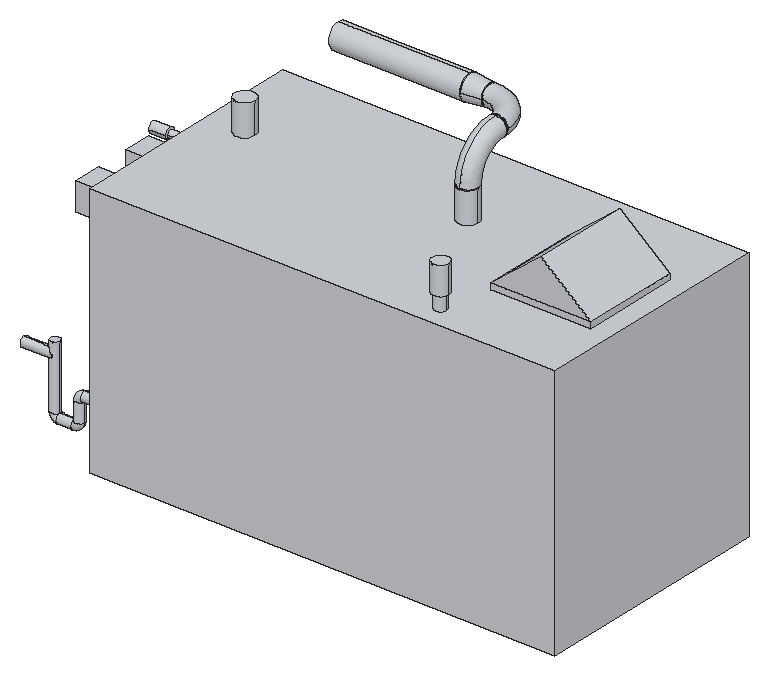
Revit family "AMP_BFIT 2000 Water Heater", category Mechanical Equipment, Revit 2019
Family settings
  Round Connector Dimension = Use Diameter
  Part Type = Normal
  OmniClass Number = 23.75.00.00
  OmniClass Title = Climate Control (HVAC)
  Work Plane-Based = No
  Always vertical = Yes
  Cut with Voids When Loaded = No
  Shared = No
  Room Calculation Point = No
Parameters (values of type "AMP/BFIT 2000 Water Heater")
  Width = 34 1/4"
  Length = 66 1/8"
  Height = 36 1/8"
  Voltage = ""
  Vent = "8\" EZ Vent"
  Manufacturer = "Bryan Steam"  # constant formula
  Hydronic Supply = "3\" Victaulic"
  Hydronic Return = "2-1/2\" Victaulic"
  Gas Train = "1-1/4\" NPT"
  Condensate Trap = "1\" Pipe"
  Boiler Drain = "3/4\" NPT"
  Air Supply = "8\""
Reference planes
  plane 1 "Center (Front/Back)": y = 0
  plane 2: z = 0
  plane 3 "Center (Left/Right)": x = 0
  plane 4 "Vent": y = 95.25
  plane 5 "Condensate Trap": y = -304.8
  plane 6 "Supply 2.5" Victualic Elbow Style 10": x = 100.902
  plane 7 "3" Supply Manifold": z = 1158.875
  plane 8 "3" Supply Elbow Victaulic Style 10": y = 355.6
Forms (mm)
  Extrusion 1, solid
    sketch origin (0, 0, 0) x (1, 0, 0) y (0, 1, 0)
      loop
        line (-839.787, 434.975) -> (-839.787, -434.975) -> (839.788, -434.975) -> (839.788, 434.975) -> (-839.787, 434.975)
    from 0 to 917.575
  Extrusion 2, solid
    sketch origin (0, 0, 917.575) x (1, 0, 0) y (0, 1, 0)
      loop
        line (405.549, 174.625) -> (405.549, -180.975) -> (763.588, -180.975) -> (763.588, 174.625) -> (405.549, 174.625)
    from 0 to 21.63
  Extrusion 3, solid
    sketch origin (763.588, -180.975, 917.575) x (-1, 0, 0) y (0, 0, -1)
      loop
        line (358.038, -21.63) -> (0, -21.63) -> (179.019, -167.063) -> (358.038, -21.63)
    from 0 to -355.6
  Extrusion 4, solid
    sketch origin (0, 0, 917.575) x (1, 0, 0) y (0, 1, 0)
      loop
        circle (-703.262, 95.25) r 36.513
      loop
        circle (100.902, 95.25) r 36.513
    from 0 to 111.125
  Extrusion 5, solid
    sketch origin (-839.787, -434.975, 0) x (0, 1, 0) y (0, 0, -1)
      loop
        circle (714.375, -257.175) r 100.013
      loop
        circle (714.375, -257.175) r 94.456
    from 0 to 28.575
  Sweep 6, solid
    path origin (0, -304.8, 0) x (-1, 0, 0) y (0, 0, 1)
      loop
        line (839.787, 146.406) -> (960.793, 146.406)
        arc (960.793, 146.406) -> (973.15, 141.287) -> (978.268, 128.93) r 17.475
        line (978.268, 128.93) -> (978.268, 62.281)
        arc (978.268, 62.281) -> (983.387, 49.924) -> (995.743, 44.806) r 17.475
        line (995.743, 44.806) -> (1049.706, 44.806)
        arc (1049.706, 44.806) -> (1062.054, 49.92) -> (1067.168, 62.268) r 17.463
        line (1067.168, 62.268) -> (1067.168, 292.456)
    profile origin (-900.29, -304.8, 146.406) x (0, 0, 1) y (0, 1, 0)
      loop
        circle (0, 0) r 16.701
  Revolve 7, solid
    sketch origin (0, -304.8, 0) x (-1, 0, 0) y (0, 0, 1)
      loop
        line (1179.512, 247.65) -> (1179.512, 264.351) -> (1066.8, 264.351) -> (1066.8, 247.65) -> (1179.512, 247.65)
      axis (1066.8, 247.65) -> (1179.512, 247.65)
    angle from 0 to 360
  SweptBlend 8, solid
    path origin (0, 0, 1158.875) x (1, 0, 0) y (0, 1, 0)
      loop
        line (-29.273, 323.923) -> (-100.393, 323.923)
    profile origin (-29.273, 323.923, 1158.875) x (0, -1, 0) y (0, 0, 1)
      loop
        circle (-31.677, 0) r 36.314
    end profile origin (-100.393, 323.923, 1158.875) x (0, -1, 0) y (0, 0, 1)
      loop
        circle (-31.677, 0) r 44.45
  Extrusion 9, solid
    sketch origin (-100.393, 355.6, 1158.875) x (0, 0, -1) y (0, -1, 0)
      loop
        circle (0, -0.065) r 44.513
    from 0 to 472.678
  Extrusion 10, solid
    sketch origin (-839.787, -434.975, 0) x (0, 1, 0) y (0, 0, -1)
      loop
        line (345.313, -912.813) -> (345.313, -811.213) -> (243.713, -811.213) -> (243.713, -912.813) -> (345.313, -912.813)
      loop
        line (119.888, -912.8) -> (119.888, -811.2) -> (18.288, -811.2) -> (18.288, -912.8) -> (119.888, -912.8)
    from 0 to 63.004
  Revolve 11, solid
    sketch origin (0, 95.25, 0) x (-1, 0, 0) y (0, 0, 1)
      loop
        line (1055.688, 635) -> (1050.344, 736.968) -> (803.033, 724.007) -> (808.377, 622.039) -> (1055.688, 635)
      axis (808.377, 622.039) -> (1055.688, 635)
    angle from 0 to 360
  Extrusion 12, solid
    sketch origin (-839.787, -434.975, 0) x (0, 1, 0) y (0, 0, -1)
      loop
        circle (530.225, -815.975) r 13.335
    from 0 to 133.35
  Extrusion 13, solid
    sketch origin (0, 0, 917.575) x (1, 0, 0) y (0, 1, 0)
      loop
        circle (360.363, -352.425) r 21.082
    from 0 to 53.975
  Extrusion 14, solid
    sketch origin (0, 0, 971.55) x (1, 0, 0) y (0, 1, 0)
      loop
        circle (360.363, -352.425) r 30.163
    from 0 to 98.425
  Extrusion 15, solid
    sketch origin (-973.137, -434.975, 0) x (0, 1, 0) y (0, 0, -1)
      loop
        circle (530.225, -815.975) r 19.05
    from 0 to 60.325
  Sweep 16, solid
    path origin (100.902, 0, 0) x (0, 1, 0) y (0, 0, 1)
      loop
        line (95.25, 1028.7) -> (95.25, 1031.875)
        arc (95.25, 1031.875) -> (132.447, 1121.678) -> (222.25, 1158.875) r 127
        line (222.25, 1158.875) -> (225.425, 1158.875)
    profile origin (100.902, 132.447, 1121.678) x (0, -0.707107, 0.707107) y (1, 0, 0)
      loop
        circle (0, 0) r 36.513
  Sweep 17, solid
    path origin (0, 0, 1158.875) x (1, 0, 0) y (0, 1, 0)
      loop
        line (100.902, 225.425) -> (100.902, 228.6)
        arc (100.902, 228.6) -> (63.704, 318.403) -> (-26.098, 355.6) r 127
        line (-26.098, 355.6) -> (-29.273, 355.6)
    profile origin (100.902, 227.012, 1158.875) x (-1, 0, 0) y (0, 0, 1)
      loop
        circle (0, 0) r 36.513
Dimensions and locks
  "Height": Extrusion 1 to level
  equal spacing: Extrusion 1 sketch curve, plane 3 "Center (Left/Right)", Extrusion 1 sketch curve
  "Length": Extrusion 1 sketch curve to Extrusion 1 sketch curve
  equal spacing: Extrusion 1 sketch curve, plane 1 "Center (Front/Back)", Extrusion 1 sketch curve
  "Width": Extrusion 1 sketch curve to Extrusion 1 sketch curve
  locked: Extrusion 2 sketch curve to Extrusion 1 at 76.2
  locked: Extrusion 2 sketch curve to Extrusion 2 sketch curve at 358.038
  locked: Extrusion 2 sketch curve to Extrusion 2 sketch curve at 355.6
  locked: Extrusion 2 sketch curve to Extrusion 1 at 254
  locked: Extrusion 1 to Extrusion 4 sketch curve at 339.725  (x2)
  locked: Extrusion 1 to Extrusion 5 sketch curve at 257.175
  Extrusion 1 to Extrusion 5 sketch curve = 6 1/8"
  locked: level to plane 7 "3" Supply Manifold" at 1158.875
  locked: SweptBlend 8 sketch curve to SweptBlend 8 sketch curve at 71.12
  plane 3 "Center (Left/Right)" to plane 6 "Supply 2.5" Victualic Elbow Style 10" = 3.9725"
  locked: plane 8 "3" Supply Elbow Victaulic Style 10" to plane 1 "Center (Front/Back)" at 355.6
  locked: plane 4 "Vent" to plane 1 "Center (Front/Back)" at 95.25
  locked: plane 5 "Condensate Trap" to plane 1 "Center (Front/Back)" at 304.8
  locked: Sweep 6 sketch curve to Sweep 6 sketch curve at 88.9
  locked: Sweep 6 sketch curve to Sweep 6 sketch curve at 247.65
  Revolve 7 sketch curve to Revolve 7 sketch curve = 4 7/16"
  locked: Extrusion 10 sketch curve to Extrusion 10 sketch curve at 101.6  (x4)
  locked: Revolve 11 sketch curve to Revolve 11 sketch curve at 102.108
  Extrusion 1 to Extrusion 12 sketch curve = 13 3/8"
  Extrusion 1 to Extrusion 12 sketch curve = 32 1/8"
  locked: Extrusion 1 to Revolve 7 sketch curve at 227.012
  locked: Extrusion 1 to Revolve 7 sketch curve at 247.65  (x2)
  locked: Revolve 7 sketch curve to Revolve 7 sketch curve at 16.701
  locked: Extrusion 1 to Extrusion 4 sketch curve at 136.525
  locked: Extrusion 1 to Extrusion 13 sketch curve at 82.55
  locked: Extrusion 13 sketch curve to Extrusion 1 at 479.425
  locked: Extrusion 14 sketch curve to Extrusion 1 at 479.425
  locked: Extrusion 1 to Extrusion 14 sketch curve at 82.55
  locked: Extrusion 1 to Extrusion 15 sketch curve at 101.6
  locked: Extrusion 1 to Extrusion 15 sketch curve at 339.725
  locked: Extrusion 1 to SweptBlend 8 sketch curve at 79.375  (x2)
  locked: SweptBlend 8 sketch curve to Extrusion 1 at 241.3  (x2)
  locked: Sweep 16 sketch curve to Extrusion 4 at 3.175
  locked: Sweep 16 sketch curve to Extrusion 1 at 212.725
  locked: Sweep 16 sketch curve to Sweep 16 sketch curve at 3.175
  locked: Sweep 17 sketch curve to Sweep 17 sketch curve at 3.175  (x2)
  locked: SweptBlend 8 to Sweep 17 sketch curve
  locked: Sweep 17 sketch curve to Sweep 16 at 0
  diameter of Extrusion 5 sketch curve = 7 7/16"
  diameter of Extrusion 5 sketch curve = 7 7/8"
  diameter of Extrusion 13 sketch curve = 1.66"
  diameter of Extrusion 14 sketch curve = 2 3/8"
  diameter of Extrusion 15 sketch curve = 1 1/2"
  diameter of Sweep 16 sketch curve = 10"
  diameter of Sweep 16 sketch curve = 2 7/8"
  diameter of Sweep 17 sketch curve = 10"
  diameter of Sweep 17 sketch curve = 2 7/8"
  aligned and locked: level to plane 2
Automatic sketch dimensions
  Extrusion 3 sketch curve to Extrusion 2 = 0"  (x3)
  Extrusion 3 sketch curve to Extrusion 2 = 7.048"
  Extrusion 3 sketch curve to Extrusion 2 = 5.72571"
  Extrusion 5 sketch curve to Extrusion 5 sketch curve = 0"  (x2)
  Sweep 6 sketch curve to plane 5 "Condensate Trap" = 0"
  profile plane to Sweep 6 sketch curve = 0"
  Sweep 6 sketch curve to Sweep 6 sketch curve = 0.688"  (x2)
  Sweep 6 sketch curve to Sweep 6 sketch curve = 11/16"
  Sweep 6 sketch curve to Sweep 6 sketch curve = 2.624"
  Sweep 6 sketch curve to Sweep 6 sketch curve = 4.764"
  plane 4 "Vent" to SweptBlend 8 sketch curve = 9.00286"
  Revolve 7 sketch curve to Revolve 7 sketch curve = 0.2025"
  Revolve 7 sketch curve to Revolve 7 sketch curve = 1.453"
  Revolve 11 sketch curve to Revolve 11 sketch curve = 5.78139"
  Revolve 11 sketch curve to Revolve 11 sketch curve = 4.32851"
  Revolve 11 sketch curve to Revolve 11 sketch curve = 0.21039"
  Revolve 11 sketch curve to Revolve 11 sketch curve = 0"  (x2)
  Extrusion 4 sketch curve to Extrusion 1 = 29.09"
  level to Sweep 6 sketch curve = 5.764"
  Sweep 6 sketch curve to plane 3 "Center (Left/Right)" = 37.8265"
  Extrusion 1 to Extrusion 10 sketch curve = 0.188"
  Extrusion 10 sketch curve to Extrusion 1 = 0.72"
  Extrusion 1 to Extrusion 10 sketch curve = 3/16"
  Extrusion 10 sketch curve to Extrusion 10 sketch curve = 4 7/8"
  Revolve 11 sketch curve to plane 3 "Center (Left/Right)" = 31.61547"
  Revolve 11 sketch curve to plane 7 "3" Supply Manifold" = 16.61051"
  Revolve 11 sketch curve to Revolve 11 sketch curve = 9.73664"
  SweptBlend 8 sketch curve to plane 3 "Center (Left/Right)" = 3.9525"
  Sweep 16 sketch curve to Sweep 16 sketch curve = 1/8"
  Sweep 16 sketch curve to plane 6 "Supply 2.5" Victualic Elbow Style 10" = 0"
  Sweep 16 sketch curve to profile plane = 0"
  Sweep 17 sketch curve to plane 7 "3" Supply Manifold" = 0"
  Sweep 17 sketch curve to profile plane = 0"
  radius of Sweep 6 sketch curve = 0.6575"
  radius of Extrusion 9 sketch curve = 1.75249"
  radius of SweptBlend 8 sketch curve = 1 55/128"
  radius of SweptBlend 8 sketch curve = 1 3/4"
  radius of Extrusion 4 sketch curve = 1 7/16"  (x2)
  radius of Extrusion 12 sketch curve = 0.525"
Connectors
  piping at (-703.262, 95.25, 1028.7), diameter 63.5
    settings: on Extrusion 4, index 2, connector inside diameter 24", connector length 0", flow factor 0, pipe flow 0 GPM, pressure drop 0.00 psi, fitting loss kfactor 0, connector angle 0.00°, fixture units 0, engagement length 0", angle of deflection 0.00°, flow configuration 0, flow direction 1, fitting loss method 0, system type 8, joint type 0, gender type 0, connector reference index -1, connector utility 0, adjustable connector no, is connector primary yes, connector description ""
  piping at (-868.362, 279.4, 257.175), diameter 203.2
    settings: on Extrusion 5, index 4, connector inside diameter 24", connector length 0", flow factor 0, pipe flow 0 GPM, pressure drop 0.00 psi, fitting loss kfactor 0, connector angle 0.00°, fixture units 0, engagement length 0", angle of deflection 0.00°, flow configuration 0, flow direction 1, fitting loss method 0, system type 22, joint type 0, gender type 0, connector reference index -1, connector utility 0, adjustable connector no, is connector primary no, connector description ""
  piping at (-1055.688, 95.25, 635), diameter 203.2
    settings: on Revolve 11, index 5, connector inside diameter 24", connector length 0", flow factor 0, pipe flow 0 GPM, pressure drop 0.00 psi, fitting loss kfactor 0, connector angle 0.00°, fixture units 0, engagement length 0", angle of deflection 0.00°, flow configuration 0, flow direction 2, fitting loss method 0, system type 17, joint type 0, gender type 0, connector reference index -1, connector utility 0, adjustable connector no, is connector primary no, connector description ""
  piping at (-1179.512, -304.8, 247.65), diameter 25.4
    settings: on Revolve 7, index 6, connector inside diameter 24", connector length 0", flow factor 0, pipe flow 0 GPM, pressure drop 0.00 psi, fitting loss kfactor 0, connector angle 0.00°, fixture units 0, engagement length 0", angle of deflection 0.00°, flow configuration 0, flow direction 2, fitting loss method 0, system type 22, joint type 0, gender type 0, connector reference index -1, connector utility 0, adjustable connector no, is connector primary no, connector description ""
  piping at (-573.072, 355.665, 1158.875), diameter 76.2
    settings: on Extrusion 9, index 8, connector inside diameter 24", connector length 0", flow factor 0, pipe flow 0 GPM, pressure drop 0.00 psi, fitting loss kfactor 0, connector angle 0.00°, fixture units 0, engagement length 0", angle of deflection 0.00°, flow configuration 0, flow direction 2, fitting loss method 0, system type 7, joint type 0, gender type 0, connector reference index -1, connector utility 0, adjustable connector no, is connector primary no, connector description ""
  piping at (360.363, -352.425, 1069.975), diameter 31.75
    settings: on Extrusion 14, index 10, connector inside diameter 24", connector length 0", flow factor 0, pipe flow 0 GPM, pressure drop 0.00 psi, fitting loss kfactor 0, connector angle 0.00°, fixture units 0, engagement length 0", angle of deflection 0.00°, flow configuration 0, flow direction 1, fitting loss method 0, system type 22, joint type 0, gender type 0, connector reference index -1, connector utility 0, adjustable connector no, is connector primary no, connector description ""
  piping at (-1033.462, 95.25, 815.975), diameter 19.05
    settings: on Extrusion 15, index 11, connector inside diameter 24", connector length 0", flow factor 0, pipe flow 0 GPM, pressure drop 0.00 psi, fitting loss kfactor 0, connector angle 0.00°, fixture units 0, engagement length 0", angle of deflection 0.00°, flow configuration 0, flow direction 2, fitting loss method 0, system type 22, joint type 0, gender type 0, connector reference index -1, connector utility 0, adjustable connector no, is connector primary no, connector description ""
